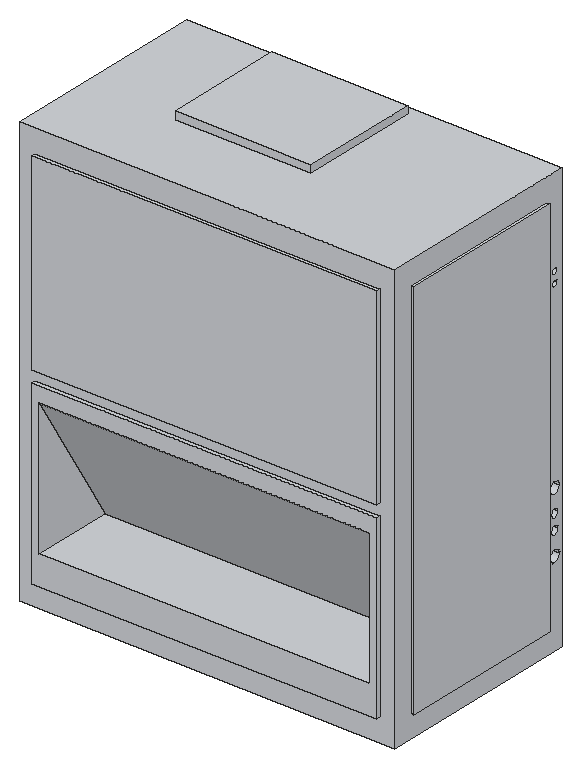
Revit family "M_Unidade de manipulação de ar - Empacotado vertical - DX - 21-35 kW", category Equipamento mecânico, Revit 2019
Family settings
  Cota do conector redondo = Usar raio
  Tipo de parte = Normal
  Número OmniClass = 23.75.35.14.17
  Título OmniClass = Modular Indoor Air Handling Units
  ID de item do Seek = Air Handling Unit - Vertical Packaged - DX - 21-35 kW-0000-CAN-ENU
  Com base no plano de trabalho = Não
  Sempre na vertical = Sim
  Corte com vazios quando carregada = Não
  Compartilhado = Não
  Ponto de cálculo do ambiente = Não
Parameters (values of type "1128 LPS")
  Pressão de trabalho [instance] = 2999219.3 Pa
  Voltagem = 208 V
  Largura de saída do ar de fornecimento = 450 mm
  Altura de saída do ar de fornecimento = 400 mm
  Largura da saída do ar de retorno = 1100 mm
  Altura da saída do ar de retorno = 450 mm
  Raio da fiação de alimentação = 11.11 mm
  Diâmetro da fiação de alimentação = Raio da fiação de alimentação * 2  # 22.22 mm
  Raio da saída = 20 mm
  Diâmetro da saída = Raio da saída * 2  # 40 mm
  Carga da operação [instance] = "3.0 lb"
  Número de pólos = 3
  Capacidade nominal [instance] = 1758.43 W
  Classificação de carga = Refrigeração
  Raio da embocadura = 15 mm
  Diâmetro da embocadura = Raio da embocadura * 2  # 30 mm
  Pressão estática externa [instance] = 497.68 Pa
  Raio da drenagem = 15 mm
  Fluxo da drenagem [instance] = 0.0 L/s
  Diâmetro da drenagem = Raio da drenagem * 2  # 30 mm
  Raio da fiação de controle = 11.11 mm
  Diâmetro da fiação de controle = Raio da fiação de controle * 2  # 22.22 mm
  C2 Deslocamento 1 = (Comprimento do AHU - Largura da saída do ar de retorno) / 2  # 72.3 mm
  Carga aparente = 1530 VA
  Fluxo de ar = 1132.67 L/s
  Largura do AHU = 716 mm
  Material do AHU = none
  Comprimento do AHU = 1244.6 mm
  Altura do AHU = 1424 mm
Types (4, lengths in mm): name | Largura de saída do ar de fornecimento | Altura de saída do ar de fornecimento | Altura da saída do ar de retorno | Capacidade nominal | Carga aparente | Fluxo de ar
  (no name) | 450 | 400 | 450 | 1758.43 W | 1530 VA | 1132.67 L/s
  1128 LPS | 450 | 400 | 450 | 1758.43 W | 1530 VA | 1132.67 L/s
  1410 LPS | 475 | 475 | 475 | 2198.03 W | 1860 VA | 1415.84 L/s
  1880 LPS | 475 | 475 | 475 | 2930.71 W | 2690 VA | 1887.79 L/s
Reference planes
  plane 1 "Centro (Frente/Trás)": y = 0
  plane 2: z = 0
  plane 3 "Centro (Esquerda/Direita)": x = 0
  plane 4: x = 1244.6
  plane 5: x = 50.8
  plane 6: x = 1193.8
  plane 7: z = 1424
  plane 8: z = 76.2
  plane 9: z = 1347.8
  plane 10: z = 711.994
  plane 11: z = 673.894
  plane 12: z = 750.094
  plane 13: y = -12.7
  plane 14: y = 703.3
  plane 15: x = 306.388
  plane 16: y = 662.025
  plane 17: y = 262.025
  plane 18: z = 1449.4
  plane 19: z = 38.1
  plane 20: z = 171.45
  plane 21: x = 72.3
  plane 22: x = 756.388
  plane 23: x = 1172.3
  plane 24: z = 280.988
  plane 25: z = 357.188
  plane 26: z = 621.45
  plane 27: z = 407.988
  plane 28: z = 484.188
  plane 29: z = 1090.613
  plane 30: z = 1128.713
  plane 31: x = 1257.3
  plane 32: x = -12.7
  plane 33: y = 690.6
  plane 34: y = 63.5
  plane 35: y = 627.1
Forms (mm)
  Extrusion 1, solid, material <- "Material do AHU"
    sketch origin (0, 0, 0) x (1, 0, 0) y (0, 1, 0)
      loop
        line (0, 690.6) -> (0, 0) -> (1244.6, 0) -> (1244.6, 690.6) -> (0, 690.6)
    from 0 to 1424
  Extrusion 2, solid, material <- "Material do AHU"
    sketch origin (0, 0, 0) x (1, 0, 0) y (0, 1, 0)
      loop
        line (50.8, -12.7) -> (1193.8, -12.7) -> (1193.8, 703.3) -> (50.8, 703.3) -> (50.8, -12.7)
    from 711.994 to 1347.8
  Extrusion 3, solid, material <- "Material do AHU"
    sketch origin (0, 0, 0) x (1, 0, 0) y (0, 0, 1)
      loop
        line (50.8, 673.894) -> (50.8, 76.2) -> (1193.8, 76.2) -> (1193.8, 673.894) -> (50.8, 673.894)
    from -703.3 to 12.7
  Extrusion 4, solid, material <- "Material do AHU"
    sketch origin (0, 0, 0) x (1, 0, 0) y (0, 1, 0)
      loop
        line (-12.7, 627.1) -> (-12.7, 63.5) -> (1257.3, 63.5) -> (1257.3, 627.1) -> (-12.7, 627.1)
    from 76.2 to 1347.8
  Extrusion 5, solid, material <- "Material do AHU"
    sketch origin (0, 0, 0) x (1, 0, 0) y (0, 1, 0)
      loop
        line (756.388, 662.025) -> (306.388, 662.025) -> (306.388, 262.025) -> (756.388, 262.025) -> (756.388, 662.025)
    from 1424 to 1449.4
  Extrusion 6, void
    sketch origin (0, 0, 0) x (0, 1, 0) y (0, 0, 1)
      loop
        circle (662.025, 38.1) r 15
    from 0 to 50.8
  Extrusion 7, void
    sketch origin (0, 0, 0) x (0, 1, 0) y (0, 0, 1)
      loop
        circle (662.025, 280.988) r 20
    from 1172.3 to 1244.6
  Extrusion 8, void
    sketch origin (0, 0, 0) x (0, 1, 0) y (0, 0, 1)
      loop
        circle (662.025, 357.188) r 15
    from 1172.3 to 1244.6
  Extrusion 9, void
    sketch origin (0, 0, 0) x (0, 1, 0) y (0, 0, 1)
      loop
        circle (662.025, 407.988) r 15
    from 1172.3 to 1244.6
  Extrusion 10, void
    sketch origin (0, 0, 0) x (0, 1, 0) y (0, 0, 1)
      loop
        circle (662.025, 484.188) r 20
    from 1172.3 to 1244.6
  Extrusion 11, void
    sketch origin (0, 0, 0) x (0, 1, 0) y (0, 0, 1)
      loop
        circle (662.025, 1090.613) r 11.11
    from 1172.3 to 1244.6
  Extrusion 12, void
    sketch origin (0, 0, 0) x (0, 1, 0) y (0, 0, 1)
      loop
        circle (662.025, 1128.713) r 11.11
    from 1244.6 to 1172.3
  Extrusion 13, void
    sketch origin (0, 0, 0) x (0, 1, 0) y (0, 0, 1)
      loop
        line (-12.7, 621.45) -> (-12.7, 171.45) -> (262.025, 171.45) -> (-12.7, 621.45)
    from 72.3 to 1172.3
Cuts and joins
  Extrusion 6, Extrusion 7, Extrusion 8, Extrusion 9, Extrusion 10, Extrusion 11, Extrusion 12, Extrusion 13 cuts Extrusion 1
  Extrusion 13 cuts Extrusion 3
  Extrusion 13 cuts Extrusion 4
  joined: Extrusion 1, Extrusion 2, Extrusion 3, Extrusion 4, Extrusion 5
Dimensions and locks
  "Comprimento do AHU": plane 3 "Centro (Esquerda/Direita)" to plane 4
  locked: plane 3 "Centro (Esquerda/Direita)" to plane 5 at 50.8
  locked: plane 6 to plane 4 at 50.8
  "Altura do AHU": plane 7 to plane 2
  locked: plane 8 to plane 2 at 76.2
  locked: plane 7 to plane 9 at 76.2
  locked: plane 13 to plane 1 "Centro (Frente/Trás)" at 12.7
  "Largura do AHU": plane 13 to plane 14
  plane 12 to plane 10 to plane 11 = 38.1 mm locked, 38.1 mm locked
  locked: plane 3 "Centro (Esquerda/Direita)" to plane 15 at 306.388
  locked: plane 14 to plane 16 at 41.275
  "Altura de saída do ar de fornecimento": plane 16 to plane 17
  locked: plane 18 to plane 7 at 25.4
  "C2 Deslocamento 1": plane 21 to plane 3 "Centro (Esquerda/Direita)"
  "Largura de saída do ar de fornecimento": plane 15 to plane 22
  "Largura da saída do ar de retorno": plane 23 to plane 21
  locked: plane 19 to plane 2 at 38.1
  locked: plane 24 to plane 2 at 280.987
  locked: plane 2 to plane 25 at 357.188
  locked: plane 20 to plane 2 at 171.45
  "Altura da saída do ar de retorno": plane 26 to plane 20
  locked: plane 27 to plane 2 at 407.987
  locked: plane 28 to level at 484.187
  locked: level to plane 29 at 1090.612
  locked: plane 2 to plane 30 at 1128.713
  locked: plane 32 to plane 3 "Centro (Esquerda/Direita)" at 12.7
  locked: plane 14 to plane 33 at 12.7
  locked: plane 13 to plane 34 at 76.2
  locked: plane 14 to plane 35 at 76.2
  "Raio da drenagem": radius of Extrusion 6 sketch curve
  "Raio da saída": radius of Extrusion 7 sketch curve
  "Raio da embocadura": radius of Extrusion 8 sketch curve
  "Raio da embocadura": radius of Extrusion 9 sketch curve
  "Raio da saída": radius of Extrusion 10 sketch curve
  "Raio da fiação de alimentação": radius of Extrusion 11 sketch curve
  "Raio da fiação de controle": radius of Extrusion 12 sketch curve
  aligned and locked: plane 3 "Centro (Esquerda/Direita)" to Extrusion 1 sketch curve
  aligned and locked: Extrusion 1 sketch curve to plane 33
  aligned and locked: plane 1 "Centro (Frente/Trás)" to Extrusion 1 sketch curve
  aligned and locked: Extrusion 1 sketch curve to plane 4
  aligned and locked: plane 13 to Extrusion 2 sketch curve
  aligned and locked: plane 14 to Extrusion 2 sketch curve
  aligned and locked: Extrusion 2 sketch curve to plane 5
  aligned and locked: plane 6 to Extrusion 2 sketch curve
  aligned and locked: plane 7 to Extrusion 1
  aligned and locked: Extrusion 1 to plane 2
  aligned and locked: plane 9 to Extrusion 2
  aligned and locked: Extrusion 2 to plane 10
  aligned and locked: plane 5 to Extrusion 3 sketch curve
  aligned and locked: Extrusion 3 sketch curve to plane 11
  aligned and locked: plane 8 to Extrusion 3 sketch curve
  aligned and locked: Extrusion 3 sketch curve to plane 6
  aligned and locked: plane 14 to Extrusion 3
  aligned and locked: plane 13 to Extrusion 3
  aligned and locked: plane 32 to Extrusion 4 sketch curve
  aligned and locked: Extrusion 4 sketch curve to plane 35
  aligned and locked: plane 34 to Extrusion 4 sketch curve
  aligned and locked: Extrusion 4 sketch curve to plane 31
  aligned and locked: plane 9 to Extrusion 4
  aligned and locked: Extrusion 4 to plane 8
  aligned and locked: plane 22 to Extrusion 5 sketch curve
  aligned and locked: plane 16 to Extrusion 5 sketch curve
  aligned and locked: plane 17 to Extrusion 5 sketch curve
  aligned and locked: Extrusion 5 sketch curve to plane 15
  aligned and locked: plane 18 to Extrusion 5
  aligned and locked: Extrusion 5 to plane 7
  aligned and locked: plane 19 to Extrusion 6 sketch curve
  aligned and locked: plane 16 to Extrusion 6 sketch curve
  aligned and locked: plane 5 to Extrusion 6
  aligned and locked: Extrusion 6 to plane 3 "Centro (Esquerda/Direita)"
  aligned and locked: plane 24 to Extrusion 7 sketch curve
  aligned and locked: plane 16 to Extrusion 7 sketch curve
  aligned and locked: plane 4 to Extrusion 7
  aligned and locked: Extrusion 7 to plane 23
  aligned and locked: plane 25 to Extrusion 8 sketch curve
  aligned and locked: plane 16 to Extrusion 8 sketch curve
  aligned and locked: plane 4 to Extrusion 8
  aligned and locked: Extrusion 8 to plane 23
  aligned and locked: plane 27 to Extrusion 9 sketch curve
  aligned and locked: plane 16 to Extrusion 9 sketch curve
  aligned and locked: plane 4 to Extrusion 9
  aligned and locked: Extrusion 9 to plane 23
  aligned and locked: plane 16 to Extrusion 10 sketch curve
  aligned and locked: plane 28 to Extrusion 10 sketch curve
  aligned and locked: plane 4 to Extrusion 10
  aligned and locked: Extrusion 10 to plane 23
  aligned and locked: plane 29 to Extrusion 11 sketch curve
  aligned and locked: plane 16 to Extrusion 11 sketch curve
  aligned and locked: plane 4 to Extrusion 11
  aligned and locked: Extrusion 11 to plane 23
  aligned and locked: plane 30 to Extrusion 12 sketch curve
  aligned and locked: plane 16 to Extrusion 12 sketch curve
  aligned and locked: plane 4 to Extrusion 12
  aligned and locked: Extrusion 12 to plane 23
  aligned and locked: Extrusion 13 to plane 21
  aligned and locked: plane 23 to Extrusion 13
  aligned and locked: plane 13 to Extrusion 13 sketch curve
  aligned and locked: plane 20 to Extrusion 13 sketch curve
  aligned and locked: plane 26 to Extrusion 13 sketch curve
Automatic sketch dimensions
  Extrusion 13 sketch curve to plane 17 = 0 mm
Connectors
  hvac at (531.388, 462.025, 1449.4), driven by "Pressão estática externa", driven by "Fluxo de ar", driven by "Altura de saída do ar de fornecimento", driven by "Largura de saída do ar de fornecimento"
    settings: on Extrusion 5, index 1, duct flow 1132.67 L/s, flow factor 0, pres drop 497.68 Pa, loss coef 0, conn angle 0.00°, conn width 450 mm, conn height 400 mm, conn diameter 609.6 mm, duct sys type 1, conn prof type 1, flow config 0, flow direction 2, loss method 4, conn ref index 2, conn util no, is conn primary yes, conn desc ""
  hvac at (622.3, -12.7, 375.047), driven by "Fluxo de ar", driven by "Altura da saída do ar de retorno", driven by "Largura da saída do ar de retorno"
    settings: on cut or joined group 1 (Extrusion 1, Extrusion 2, Extrusion 3, Extrusion 4, Extrusion 5, Extrusion 6, Extrusion 7, Extrusion 8, Extrusion 9, Extrusion 10, Extrusion 11, Extrusion 12, Extrusion 13), index 2, duct flow 1132.67 L/s, flow factor 0, pres drop 0.0 Pa, loss coef 0, conn angle 0.00°, conn width 1100 mm, conn height 450 mm, conn diameter 609.6 mm, duct sys type 2, conn prof type 1, flow config 0, flow direction 1, loss method 4, conn ref index 1, conn util no, is conn primary no, conn desc ""
  piping at (1244.6, 662.025, 280.987), diameter 40, driven by "Raio da saída"
    settings: on cut or joined group 1, index 3, connector inside diameter 40 mm, connector length 0 mm, flow factor 0, pipe flow 0.0 L/s, pressure drop 2999219.3 Pa, fitting loss kfactor 0, connector angle 0.00°, fixture units 0, engagement length 0 mm, angle of deflection 0.00°, flow configuration 1, flow direction 2, fitting loss method 0, system type 22, joint type 0, gender type 0, connector reference index 4, connector utility 0, adjustable connector no, is connector primary yes, connector description "Saída"
  piping at (1244.6, 662.025, 357.187), diameter 30, driven by "Raio da embocadura"
    settings: on cut or joined group 1, index 4, connector inside diameter 30 mm, connector length 0 mm, flow factor 0, pipe flow 0.0 L/s, pressure drop 0.0 Pa, fitting loss kfactor 0, connector angle 0.00°, fixture units 0, engagement length 0 mm, angle of deflection 0.00°, flow configuration 1, flow direction 1, fitting loss method 0, system type 22, joint type 0, gender type 0, connector reference index 3, connector utility 0, adjustable connector no, is connector primary no, connector description "In"
  piping at (1244.6, 662.025, 407.988), diameter 30, driven by "Raio da embocadura"
    settings: on cut or joined group 1, index 5, connector inside diameter 30 mm, connector length 0 mm, flow factor 0, pipe flow 0.0 L/s, pressure drop 0.0 Pa, fitting loss kfactor 0, connector angle 0.00°, fixture units 0, engagement length 0 mm, angle of deflection 0.00°, flow configuration 1, flow direction 1, fitting loss method 0, system type 22, joint type 0, gender type 0, connector reference index 6, connector utility 0, adjustable connector no, is connector primary no, connector description "In"
  piping at (1244.6, 662.025, 484.188), diameter 40, driven by "Raio da saída"
    settings: on cut or joined group 1, index 6, connector inside diameter 40 mm, connector length 0 mm, flow factor 0, pipe flow 0.0 L/s, pressure drop 2999219.3 Pa, fitting loss kfactor 0, connector angle 0.00°, fixture units 0, engagement length 0 mm, angle of deflection 0.00°, flow configuration 1, flow direction 2, fitting loss method 0, system type 22, joint type 0, gender type 0, connector reference index 5, connector utility 0, adjustable connector no, is connector primary no, connector description "Saída"
  piping at (0, 662.025, 38.1), diameter 30, driven by "Raio da drenagem", driven by "Fluxo da drenagem"
    settings: on cut or joined group 1, index 7, connector inside diameter 30 mm, connector length 0 mm, flow factor 0, pipe flow 0.0 L/s, pressure drop 0.0 Pa, fitting loss kfactor 0, connector angle 0.00°, fixture units 0, engagement length 0 mm, angle of deflection 0.00°, flow configuration 1, flow direction 2, fitting loss method 0, system type 16, joint type 0, gender type 0, connector reference index -1, connector utility 0, adjustable connector yes, is connector primary no, connector description "Saída da drenagem"
  electrical at (1244.6, 662.025, 1090.612), driven by "Carga aparente", driven by "Voltagem", driven by "Número de pólos", driven by "Classificação de carga"
    settings: on cut or joined group 1, index 8, voltage 208 V, apparent load 1530 VA, apparent load phase1 0 VA, apparent load phase2 0 VA, apparent load phase3 0 VA, power factor 0.8, load classification "Refrigeração", number of poles 3, system type 30, power factor state 1, is connector primary yes, connector utility no, sub classification motor no, connector description ""
  electrical at (1244.6, 662.025, 1128.712)
    settings: on cut or joined group 1, index 9, voltage 0 V, apparent load 0 VA, apparent load phase1 0 VA, apparent load phase2 0 VA, apparent load phase3 0 VA, power factor 1, load classification "Outros", number of poles 1, system type 13, power factor state 1, is connector primary no, connector utility no, sub classification motor no, connector description ""
